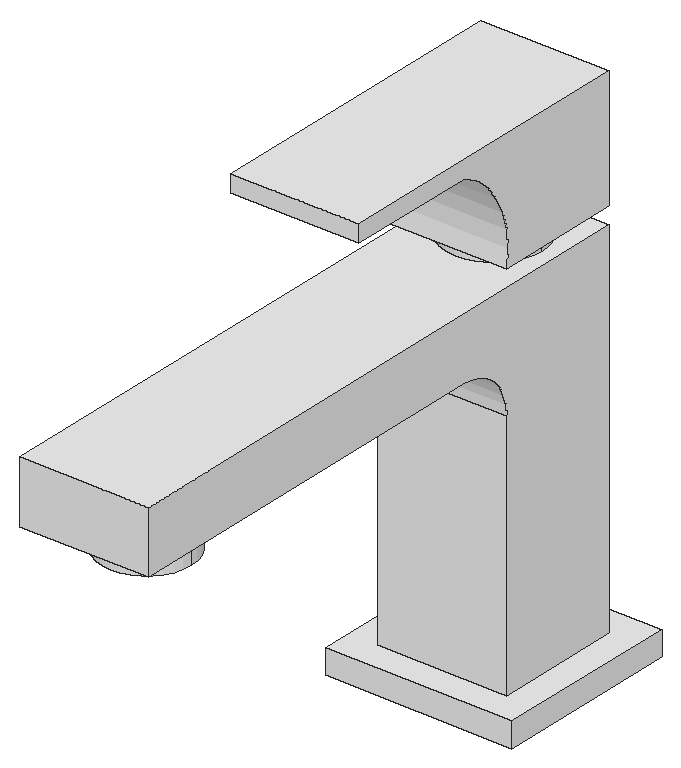
Revit family "Deca_Monocomando Lavatório Unic_2875.C90_Mesa Bica Baixa", category Plumbing Fixtures, host Face, Revit 2010
Parameters (values of type "2875.C90_Cromado CR10")
  WFU = 0
  Vendido Separadamente = ""
  Variações de COR = "Cromado (2875.C90), Preto Fosco (2875.F90.PTO); Gold (2875.D90.GLD)."  # constant formula
  URL = "www.deca.com.br/produtos"
  Segmento = "Luxo"  # constant formula
  Raio Água Quente = 7.5 mm  # constant formula
  Raio Água Fria = 7.5 mm  # constant formula
  Produto = "Monocomando lavatório mesa bica baixa Unic"  # constant formula
  Pressão = "2 A 40 mca"  # constant formula
  Peso Liquido (Kg) = 1.53
  Norma = "ABNT NBR 15267: 2005"  # constant formula
  Monocomando = Deca CR10 Cromado Metal
  Model = Código  # "2875.C90"
  Material = "Deca_Latão Cromado e Plástico de Engenharia"  # constant formula
  Manufacturer = "Deca"  # constant formula
  Louça/Metais = "Metal"  # constant formula
  Linha = "Unic"  # constant formula
  Informações Complementares = "Mecanismo: Monocomando"  # constant formula
  HWFU = 0
  Flow Pressure = 0.00 psi
  Diâmetro Água Quente = Raio Água Quente * 2  # 15 mm
  Diâmetro Água Fria = Raio Água Fria * 2  # 15 mm
  Description = "Monocomando lavatório"  # constant formula
  Default Elevation = 0 mm
  Código = "2875.C90"
  Criado por = "Contino/quattroD"  # constant formula
  Consumo = "Varia com a pressão"  # constant formula
  CWFU = 0
  Atendimento ao Cliente = "0800-0117073"  # constant formula
  Assembly Code = "D2020"
  Aprovado por = "Contino/quattroD"  # constant formula
  Acompanha o Produto = "Ligação Flexível"  # constant formula
Types (4, lengths in mm): name | Monocomando | Model | Código
  (no name) | Deca CR10 Cromado Metal | "2875.C90" | "2875.C90"
  2875.C90_Cromado CR10 | Deca CR10 Cromado Metal | "2875.C90" | "2875.C90"
  2875.D90.GLD_Gold GLD | Deca GLD Gold Metal | "2875.D90.GLD" | "2875.D90.GLD"
  2875.F90.PTO_Preto Fosco PR15 | Deca PR15 Preto Fosco Metal | "2875.F90.PTO" | "2875.F90.PTO"
Reference planes
  plane 1 "Center (Front/Back)": y = 0
  plane 2: z = 0
  plane 3 "Center (Left/Right)": x = 0
  plane 4 "Top 1": z = 85.471
  plane 5 "Back 1": y = 26.9
  plane 6 "Front 2": y = -71.536
  plane 7 "Front 1": y = -26.9
  plane 8 "Top 2": z = 152.144
  plane 9 "Front 3": y = -147.5
  plane 10 "Rigth 2": x = 26.9
  plane 11 "Left 2": x = -26.9
  plane 12 "Left 1": x = -18.5
  plane 13 "Right 1": x = 18.5
Forms (mm)
  Extrusion 1, solid, material "Deca CR10 Cromado Metal" <- "Monocomando", not visible
    sketch origin (0, 0, 0) x (1, 0, 0) y (0, 1, 0)
      loop
        circle (-14.2, 0) r 7.5
    from 0 to 3.378
  Extrusion 2, solid, material "Deca CR10 Cromado Metal" <- "Monocomando", not visible
    sketch origin (0, 0, 0) x (1, 0, 0) y (0, 1, 0)
      loop
        circle (14.2, 0) r 7.5
    from 0 to 3.378
  Extrusion 3, solid, material "Deca CR10 Cromado Metal" <- "Monocomando"
    sketch origin (0, 0, 0) x (1, 0, 0) y (0, 1, 0)
      loop
        line (-26.9, 26.9) -> (-26.9, -26.9) -> (26.9, -26.9) -> (26.9, 26.9) -> (-26.9, 26.9)
    from 0 to 7
  Extrusion 4, solid, material "Deca CR10 Cromado Metal" <- "Monocomando"
    sketch origin (0, 0, 0) x (1, 0, 0) y (0, 1, 0)
      loop
        line (-18.5, 18.464) -> (-18.5, -18.5) -> (18.5, -18.5) -> (18.5, 18.464) -> (-18.5, 18.464)
    from 7 to 94.221
  Extrusion 5, solid, material "Deca CR10 Cromado Metal" <- "Monocomando"
    sketch origin (0, 0, -154.999) x (0, 1, 0) y (0, 0, 1)
      loop
        line (-71.536, 307.143) -> (-71.536, 302.144) -> (-33.536, 302.144)
        arc (-33.536, 302.144) -> (-20.962, 289.681) -> (-18.536, 272.144) r 27.623
        line (-18.536, 272.144) -> (18.464, 272.144) -> (18.464, 307.143) -> (-71.536, 307.143)
    from -18.5 to 18.5
  Extrusion 6, solid, material "Deca CR10 Cromado Metal" <- "Monocomando"
    sketch origin (0, 0, -154.999) x (1, 0, 0) y (0, 1, 0)
      loop
        circle (0, 0) r 14
    from 267 to 272.144
  Extrusion 7, solid, material "Deca CR10 Cromado Metal" <- "Monocomando"
    sketch origin (0, -125, -154.999) x (1, 0, 0) y (0, 1, 0)
      loop
        circle (0, 0) r 13
    from 240.45 to 248.85
  Extrusion 8, solid, material "Deca CR10 Cromado Metal" <- "Monocomando"
    sketch origin (175.898, 0, -154.779) x (1, 0, 0) y (0, 0, 1)
      loop
        line (-194.398, 267) -> (-194.398, 249) -> (-157.398, 249) -> (-157.398, 267) -> (-194.398, 267)
    from -18.5 to 147.5
  Extrusion 9, solid, material "Deca CR10 Cromado Metal" <- "Monocomando"
    sketch origin (0, 0, -154.779) x (0, 1, 0) y (0, 0, 1)
      loop
        arc (-33.5, 249) -> (-22.893, 244.607) -> (-18.5, 234) r 15
        line (-18.5, 234) -> (-18.5, 249) -> (-33.5, 249)
    from -18.5 to 18.5
Cuts and joins
  joined: Extrusion 4, Extrusion 8, Extrusion 9
Lines and regions (mm)
  Masking region 1
    outline origin (0, 0, 0) x (1, 0, 0) y (0, 1, 0)
      loop
        line (-18.5, -147.5) -> (18.5, -147.5) -> (18.5, -26.9) -> (26.9, -26.9) -> (26.9, 26.9) -> (-26.9, 26.9) -> (-26.9, -26.9) -> (-18.5, -26.9) -> (-18.5, -147.5)
  Masking region 2
    outline origin (0, 0, 0) x (1, 0, 0) y (0, 0, 1)
      loop
        line (-26.9, 0) -> (26.9, 0) -> (26.9, 7) -> (18.5, 7) -> (18.5, 152.144) -> (-18.5, 152.144) -> (-18.5, 7) -> (-26.9, 7) -> (-26.9, 0)
  Masking region 3
    outline origin (0, 0, 0) x (0, 1, 0) y (0, 0, 1)
      loop
        line (-26.9, 0) -> (26.9, 0) -> (26.9, 7) -> (18.5, 7) -> (18.5, 112.001) -> (16.61, 112.001) -> (16.61, 117.144)
        arc (16.61, 117.144) -> (15.528, 120.079) -> (14.246, 122.931) r 45.233
        line (14.246, 122.931) -> (18.464, 124.898) -> (18.464, 152.144) -> (-71.536, 152.144) -> (-71.536, 147.144) -> (-33.536, 147.144)
        arc (-33.536, 147.144) -> (-20.962, 134.682) -> (-18.536, 117.144) r 27.623
        line (-18.536, 117.144) -> (-16.61, 117.144) -> (-16.61, 112.001) -> (-147.5, 112.001) -> (-147.5, 94.001) -> (-140.719, 94.001) -> (-140.719, 85.451) -> (-112.5, 85.451) -> (-112.5, 94.001) -> (-33.5, 94.001)
        arc (-33.5, 94.001) -> (-23.771, 90.417) -> (-18.69, 81.379) r 15
        line (-18.69, 81.379) -> (-18.69, 7) -> (-26.9, 7) -> (-26.9, 0)
  symbolic lines
    curve 1: line (18.5, -26.9, 0) -> (18.5, 18.464, 0)
    curve 2: line (18.5, 18.464, 0) -> (-18.5, 18.464, 0)
    curve 3: line (-18.5, 18.464, 0) -> (-18.5, -26.9, 0)
    curve 4: line (-18.5, -71.536, 0) -> (18.5, -71.536, 0)
    curve 5: line (18.5, 0, 147.144) -> (-18.5, 0, 147.144)
    curve 6: line (-18.5, 0, 132.144) -> (18.5, 0, 132.144)
    curve 7: line (18.5, 0, 112) -> (-18.5, 0, 112)
    curve 8: line (16.61, 0, 114.5) -> (-16.61, 0, 114.5)
    curve 9: line (-18.5, 0, 117.144) -> (18.5, 0, 117.144)
    curve 10: line (16.61, 0, 112) -> (16.61, 0, 114.5)
    curve 11: arc (16.61, 0, 114.5) -> (16.557, 0, 115.826) -> (16.398, 0, 117.144) r 16.61
    curve 12: arc (-16.398, 0, 117.144) -> (-16.557, 0, 115.826) -> (-16.61, 0, 114.5) r 16.61
    curve 13: line (-16.61, 0, 114.5) -> (-16.61, 0, 112)
    curve 14: line (-18.5, 0, 94) -> (18.5, 0, 94)
    curve 15: line (-12, 0, 93.85) -> (-12, 0, 86.106)
    curve 16: line (12, 0, 86.106) -> (12, 0, 93.85)
    curve 17: line (11, 0, 85.45) -> (-11, 0, 85.45)
    curve 18: line (12, 0, 86.106) -> (11, 0, 85.45)
    curve 19: line (-11, 0, 85.45) -> (-12, 0, 86.106)
    curve 20: line (18.5, 0, 79) -> (-18.5, 0, 79)
    curve 21: line (18.5, 0, 7) -> (-18.5, 0, 7)
    curve 22: line (0, -18.5, 7) -> (0, 18.5, 7)
    curve 23: line (0, -16.61, 112.001) -> (0, 16.61, 112.001)
    curve 24: line (0, -16.61, 117.144) -> (0, 1.852, 117.144)
    curve 25: line (0, 1.852, 117.144) -> (0, 14.249, 122.925)
    curve 26: line (0, -112.5, 94.001) -> (0, -140.719, 94.001)
Dimensions and locks
  plane 4 "Top 1" to host face = 85.471 mm
  plane 8 "Top 2" to host face = 152.144 mm  (x2)
  plane 11 "Left 2" to plane 10 "Rigth 2" = 53.8 mm  (x2)
  plane 8 "Top 2" to plane 4 "Top 1" = 66.673 mm
  plane 6 "Front 2" to plane 1 "Center (Front/Back)" = 71.536 mm
  plane 9 "Front 3" to plane 5 "Back 1" = 174.4 mm  (x2)
  plane 7 "Front 1" to plane 5 "Back 1" = 53.8 mm
  plane 8 "Top 2" to plane 4 "Top 1" to host face = 66.673 mm, 85.471 mm
  plane 1 "Center (Front/Back)" to plane 5 "Back 1" = 26.9 mm
  plane 6 "Front 2" to plane 9 "Front 3" = 75.964 mm
  plane 12 "Left 1" to plane 13 "Right 1" = 37 mm
  aligned and locked: host face to plane 2
  aligned and locked: level to host face
Connectors
  piping at (-14.2, 0, 0), driven by "Raio Água Quente", driven by "Flow Pressure", driven by "HWFU"
    settings: on Extrusion 1, index 1, connector radius 0.29528", flow factor 0, pipe flow 0 GPM, pressure drop 0.00 psi, fitting loss kfactor 0, connector angle 0.00°, fixture units 0, engagement length 0 mm, flow configuration 3, flow direction 1, fitting loss method 4, system type 19, joint type 0, gender type 0, connector reference index -1, connector utility 0, adjustable connector no, is connector primary yes, fitting loss table "", connector description ""
  piping at (14.2, 0, 0), driven by "Raio Água Fria", driven by "Flow Pressure", driven by "CWFU"
    settings: on Extrusion 2, index 2, connector radius 0.29528", flow factor 0, pipe flow 0 GPM, pressure drop 0.00 psi, fitting loss kfactor 0, connector angle 0.00°, fixture units 0, engagement length 0 mm, flow configuration 3, flow direction 1, fitting loss method 4, system type 20, joint type 0, gender type 0, connector reference index -1, connector utility 0, adjustable connector no, is connector primary no, fitting loss table "", connector description ""
